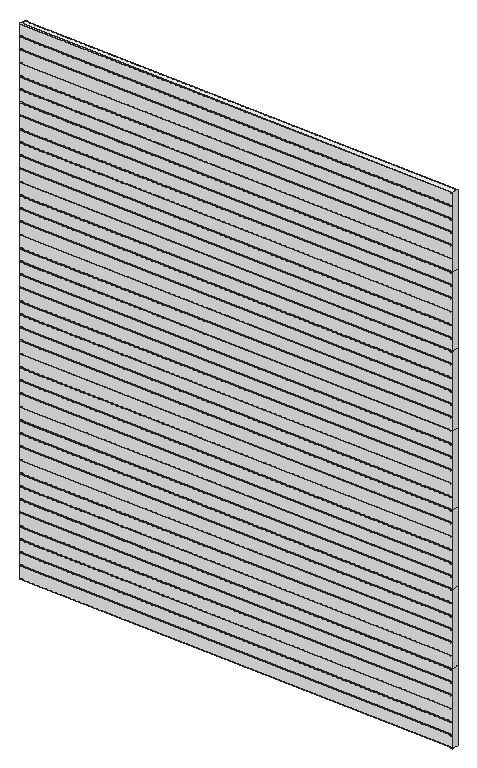
Revit family "3724-1Basic", category Doors, host Wall, Revit 2024
Family settings
  Host = Wall
  OmniClass Number = 23.30.10.17.37.14
  OmniClass Title = Sectional Overhead Doors
  Always vertical = Yes
  Cut with Voids When Loaded = No
  Shared = No
  Room Calculation Point = No
Parameters (values of type "By Type")
  Windload = "Doors available rated for various design pressures; consult Clopay for avaialbility and specifications"
  VisSection6 = NumSections = 6  # no
  VisSection5 = NumSections > 4  # yes
  VisSection4 = NumSections > 3  # yes
  VisSection3 = NumSections > 2  # yes
  VisArray = NumSections > 6  # yes
  URL = "www.clopaydoor.com"
  Track = "Galvanized steel (gauge varies according to door size)"
  Thickness = 0' - 2"  # constant formula
  Spec Wizard = "http://www.arcat.com/specwizard/08360clo/index.htm"
  Section Height = Height / NumSections  # 2' - 0"
  Sales Information = "http://www.clopaydoor.com/where-to-buy.aspx?type=dealer"
  Rough Width = 0' - 0"  # constant formula
  Rough Height = 0' - 0"  # constant formula
  R-Value = "17.2"
  Product Features and Benefits = "http://www.clopaydoor.com/insulated-polyurethane-applications.aspx"
  Overlapping Jamb = yes
  Overlap = if(Overlapping Jamb, 0' 1", 0' 0")  # 0' - 1"
  Opening Width = 12' - 0"
  Opening Height = 14' - 0"
  Omniclass Table = "23-30 10 17 37 "
  NumSectionsNotRounded = Height / 2' 0"  # 7
  NumSections = NumSectionsNotRounded + 0.4999  # 7
  NumArraySections = if(NumSections > 6, NumSections - 5, 2)  # 2
  Model = "3724"
  Maximum Size = "Maximum 32' 2'' wide by 26' 0'' high. Additional limitations may apply do to door weight. Consult Clopay for specificiations and shop drawings."  # constant formula
  Manufacturer Website = "http://www.clopaydoor.com"
  Manufacturer Phone Number = "1-800-526-4301"
  Manufacturer Address = "1400 W. Market St., Troy, OH 45373"
  Manufacturer = "Clopay Building Products Company"
  LEED = "http://products.construction.com/swts_content_files/151607/303186.pdf"
  Keynote = "08 36 13"
  Interior Steel = "28 ga. galvanized, primed, and finish painted"
  Hardware = "14 ga. min. steel hinges; 10-ball steel rollers"
  GreenFormat = "http://www.greenformat.com/products/1536-Polyurethane%20Insulated%20Doors.rtf"
  Function = Interior
  Height = Opening Height + Rough Width * 0  # 14' - 0"
  Wall Closure = By host
  Width = Opening Width + Rough Width * 0  # 12' - 0"
  FloorToSection7 = 6 * Section Height  # 12' - 0"
  FloorToSection6 = 5 * Section Height  # 10' - 0"
  FloorToSection5 = 4 * Section Height  # 8' - 0"
  FloorToSection4 = 3 * Section Height  # 6' - 0"
  FloorToSection3 = 2 * Section Height  # 4' - 0"
  FloorToSection2 = Section Height  # 2' - 0"
  File Revision = "00 (March, 2013)"
  Exterior Steel = "24 ga. galvanized, primed, and finish painted"
  Double End Stiles = Door Width > 14' 2"  # no
  Door Width = Opening Width + Overlap * 2  # 12' - 2"
  Door Height = Opening Height + Rough Width * 0  # 14' - 0"
  Description = "2'' thick polyurethane insulated, stucco embossed 24 gauge steel exterior with light ribbed pattern."
  Core Material = "Expanded polyurethane"
  Copyright = "2013, Clopay Building Products Company, Inc."
  Color = White
  CAD and Specifications = "http://www.clopaydoor.com/insulated-polyurethane-specs.aspx"
  Assembly Code = "B2030410"
Reference planes (in)
  plane 1 "Center (Front/Back)": y = 0
  plane 2 "Center (Left/Right)": x = 0
  plane 3 "Left": x = -72
  plane 4 "Right": x = 72
  plane 5 "Top": z = 168
  plane 6 "Exterior": y = 3
  plane 7 "Interior": y = -3
  plane 8: z = 120
  plane 9: z = 144
Lines and regions (in)
  Opening 1
    outline origin (-90, -3, 0) x (1, 0, 0) y (0, 0, 1)
      loop
        line (18, 0) -> (162, 0) -> (162, 168) -> (18, 168) -> (18, 0)
Text (in)
  text "Exterior" at (-74.96733, 27.31104, 0), in view "Ref. Level"
  text "Interior" at (-74.96733, -25.14366, 0), in view "Ref. Level"
  text "Exterior" at (0, 40.15149, 123.01588), in view "Right"
  text "Interior" at (0, -64.39139, 123.01588), in view "Right"
  text "Interior" at (0, -31.01599, 123.00693), in view "Left"
  text "Exterior" at (0, 54.57065, 123.00693), in view "Left"
Dimensions and locks (in)
  equal spacing: plane 3 "Left", plane 2 "Center (Left/Right)", plane 4 "Right"
  "Height": level to plane 5 "Top"
  "Width": plane 3 "Left" to plane 4 "Right"
  host wall to plane 5 "Top" = 14' - 0"
  nested 1 to plane 7 "Interior" = 0' - 0 1/2"
  "FloorToSection6": plane 8 to level
  "FloorToSection7": plane 9 to level
  group 1 to group 2 = 0' - 0"  (x2)
  group 1 to group 2 = 2' - 0"
  host wall to host wall = 67' - 6"
  aligned and locked: plane 3 "Left" to Opening 1 sketch curve
  aligned and locked: plane 5 "Top" to Opening 1 sketch curve  (x2)
  aligned and locked: Opening 1 sketch curve to plane 4 "Right"
  aligned and locked: Opening 1 sketch curve to level
  aligned and locked: plane 6 "Exterior" to host wall
  aligned and locked: host wall to plane 7 "Interior"
  aligned and locked: plane 2 "Center (Left/Right)" to nested 2
  aligned and locked: plane 2 "Center (Left/Right)" to nested 3
  aligned and locked: plane 2 "Center (Left/Right)" to nested 4
  aligned and locked: plane 2 "Center (Left/Right)" to nested 5
  aligned and locked: plane 2 "Center (Left/Right)" to nested 7
  aligned and locked: nested 7 to plane 8
  aligned and locked: nested 8 to plane 9
  aligned and locked: plane 7 "Interior" to nested 2
  aligned and locked: plane 7 "Interior" to nested 7
  aligned and locked: host wall to nested 8
  aligned and locked: plane 7 "Interior" to nested 3
  aligned and locked: host wall to nested 3
  aligned and locked: plane 7 "Interior" to nested 1
  aligned and locked: nested 2 to host wall
  aligned and locked: plane 7 "Interior" to nested 6
  aligned and locked: plane 7 "Interior" to nested 5
  aligned and locked: host wall to nested 7
  aligned and locked: plane 7 "Interior" to nested 4
Nested families (in)
  nested 1: "Section" at (0, 0, 0), type "Solid"
  nested 2: "Section" at (0, 0, 24), built-in parameter 1001364 <- "Section Height", type "Solid"
  nested 3: "Section" at (0, 0, 48), built-in parameter 1001364 <- "FloorToSection3", visible <- "VisSection3", type "Solid"
  nested 4: "Section" at (0, 0, 120), built-in parameter 1001364 <- "FloorToSection6", visible <- "VisSection6", type "Solid"
  nested 5: "Section" at (0, 0, 96), built-in parameter 1001364 <- "FloorToSection5", visible <- "VisSection5", type "Solid"
  nested 6: "Section" at (0, 0, 72), built-in parameter 1001364 <- "FloorToSection4", visible <- "VisSection4", type "Solid"
  nested 7: "Section" at (0, 0, 120), visible <- "VisArray", type "Solid"
  nested 8: "Section" at (0, 0, 144), visible <- "VisArray", type "Solid"
Definition of nested family "Section"
  Parameters
    X9 = if(if(NumArrayedWindows < NumWindows, NumArrayedWindows + 1, NumWindows) < 9, X1, X8 + 3' 8")  # 1' - 5 1/2"
    X8 = if(if(NumArrayedWindows < NumWindows, NumArrayedWindows + 1, NumWindows) < 8, X1, X7 + 3' 8")  # 1' - 5 1/2"
    X7 = if(if(NumArrayedWindows < NumWindows, NumArrayedWindows + 1, NumWindows) < 7, X1, X6 + 3' 8")  # 1' - 5 1/2"
    X6 = if(if(NumArrayedWindows < NumWindows, NumArrayedWindows + 1, NumWindows) < 6, X1, X5 + 3' 8")  # 1' - 5 1/2"
    X5 = if(if(NumArrayedWindows < NumWindows, NumArrayedWindows + 1, NumWindows) < 5, X1, X4 + 3' 8")  # 1' - 5 1/2"
    X4 = if(if(NumArrayedWindows < NumWindows, NumArrayedWindows + 1, NumWindows) < 4, X1, X3 + 3' 8")  # 1' - 5 1/2"
    X3 = if(NumWindows < 3, X1, X2 + 3' 8")  # 8' - 9 1/2"
    X2 = if(NumWindows < 2, ((Door Width - (NumWindows - 1) * 3' 8") / 2 - Cutout Width / 2), ((Door Width - (NumWindows - 1) * 3' 8") / 2 - Cutout Width / 2) + 3' 8")  # 5' - 1 1/2"
    WindowVis = no
    WindowCutDepth = -0' - 0 13/128"
    Section Height = 2' - 0"
    RibSpacing = Section Height / (NumRibs + 1)  # 0' - 4"
    NumWindows = if(Door Width < 9' 4", 2, if(Door Width < 13' 4", 3, if(Door Width < 16' 4", 4, if(Door Width < 20' 4", 5, if(Door Width < 24' 4", 6, if(Door Width < 26' 4", 7, if(Door Width < 31' 8", 8, 10)))))))  # 3
    NumRibs = if(Section Height < 1' 9", 3, if(Section Height < 2' 0", 4, 5))  # 5
    NumArrayedWindows = if(X2 = X1, NumWindows - 2, NumWindows)  # 3
    Half Section Height = Section Height / 2  # 1' - 0"
    Half Door Width Neg = -Half Door Width  # -6' - 1"
    Half Door Width = Door Width / 2  # 6' - 1"
    Half Cutout Height = Cutout Height / 2  # 0' - 3 1/2"
    Function = (empty or 0)
    Height = 0' - 0"
    Wall Closure = (empty or 0)
    Width = 0' - 0"
    X1 = if(or(Door Width > 31' 6", and(Door Width > 26' 2", Door Width < 28' 1"), Door Width = 24' 3", Door Width = 24' 4", and(Door Width > 20' 2", Door Width < 20' 11"), and(Door Width > 16' 2", Door Width < 17' 3")), X2, (Door Width - (NumWindows - 1) * 3' 8") / 2 - Cutout Width / 2)  # 1' - 5 1/2"
    Door Width = 12' - 2"
    CutoutToCutout = 1' - 0"
    Cutout Width = 1' - 11"
    Cutout Height = 0' - 7"
    Color = none
    BtmTo1stRib = RibSpacing  # 0' - 4"
    Assembly Code = ""
  Reference planes (in)
    plane 1 "Center (Front/Back)": y = 0
    plane 2 "Center (Left/Right)": x = 0
    plane 3 "Exterior": y = 3
    plane 4 "Interior": y = -3
    plane 5: y = -3.5
    plane 6: x = 73
    plane 7: x = -73
    plane 8: z = 4
    plane 9: z = 8
    plane 10: z = 24
    plane 11: z = 12
    plane 12: z = 0
  Forms (in)
    Extrusion 1, solid, material <- "Color"
      sketch origin (-73, -12, 83.08252) x (0, 0, 1) y (0, -1, 0)
        loop
          line (-59.08252, -8.37573) -> (-59.08252, -6.62444)
          arc (-59.08252, -6.62444) -> (-59.11897, -6.53645) -> (-59.20696, -6.5) r 0.12444
          line (-59.20696, -6.5) -> (-82.95809, -6.5)
          arc (-82.95809, -6.5) -> (-83.04608, -6.53645) -> (-83.08252, -6.62444) r 0.12444
          line (-83.08252, -6.62444) -> (-83.08252, -8.37573)
          arc (-83.08252, -8.37573) -> (-83.04612, -8.4636) -> (-82.95825, -8.5) r 0.12427
          line (-82.95825, -8.5) -> (-59.20679, -8.5)
          arc (-59.20679, -8.5) -> (-59.11892, -8.4636) -> (-59.08252, -8.37573) r 0.12427
      from 0 to 146 <- "Door Width"
    Extrusion 2, void
      sketch origin (0, 0, -0.5) x (0, -1, 0) y (0, 0, 1)
        loop
          line (3.5, 4.62727) -> (3.5, 4.37273) -> (3.53032, 4.41942)
          arc (3.53032, 4.41942) -> (3.53753, 4.43506) -> (3.54, 4.4521) r 0.06
          line (3.54, 4.4521) -> (3.54, 4.5479)
          arc (3.54, 4.5479) -> (3.53753, 4.56494) -> (3.53032, 4.58058) r 0.06
          line (3.53032, 4.58058) -> (3.5, 4.62727)
      from -73 <- "Half Door Width Neg" to 146 <- "Door Width"
    Extrusion 3, void
      sketch origin (0, 0, 3.5) x (0, -1, 0) y (0, 0, 1)
        loop
          line (3.5, 4.62727) -> (3.5, 4.37273) -> (3.53032, 4.41942)
          arc (3.53032, 4.41942) -> (3.53753, 4.43506) -> (3.54, 4.4521) r 0.06
          line (3.54, 4.4521) -> (3.54, 4.5479)
          arc (3.54, 4.5479) -> (3.53753, 4.56494) -> (3.53032, 4.58058) r 0.06
          line (3.53032, 4.58058) -> (3.5, 4.62727)
      from -73 <- "Half Door Width Neg" to 146 <- "Door Width"
    Extrusion 4, void
      sketch origin (0, 0, 7.5) x (0, -1, 0) y (0, 0, 1)
        loop
          line (3.5, 4.62727) -> (3.5, 4.37273) -> (3.53032, 4.41942)
          arc (3.53032, 4.41942) -> (3.53753, 4.43506) -> (3.54, 4.4521) r 0.06
          line (3.54, 4.4521) -> (3.54, 4.5479)
          arc (3.54, 4.5479) -> (3.53753, 4.56494) -> (3.53032, 4.58058) r 0.06
          line (3.53032, 4.58058) -> (3.5, 4.62727)
      from -73 <- "Half Door Width Neg" to 146 <- "Door Width"
    Extrusion 5, void
      sketch origin (0, -8.99984, -0.5) x (0, 1, 0) y (0, 0, -1)
        loop
          line (3.5, -4.62727) -> (3.53032, -4.58058)
          arc (3.53032, -4.58058) -> (3.53753, -4.56494) -> (3.54, -4.5479) r 0.06
          line (3.54, -4.5479) -> (3.54, -4.4521)
          arc (3.54, -4.4521) -> (3.53753, -4.43506) -> (3.53032, -4.41942) r 0.06
          line (3.53032, -4.41942) -> (3.5, -4.37273) -> (3.5, -4.62727)
      from -73 <- "Half Door Width Neg" to 146 <- "Door Width"
    Extrusion 6, void
      sketch origin (0, -8.99984, 3.5) x (0, 1, 0) y (0, 0, -1)
        loop
          line (3.5, -4.62727) -> (3.53032, -4.58058)
          arc (3.53032, -4.58058) -> (3.53753, -4.56494) -> (3.54, -4.5479) r 0.06
          line (3.54, -4.5479) -> (3.54, -4.4521)
          arc (3.54, -4.4521) -> (3.53753, -4.43506) -> (3.53032, -4.41942) r 0.06
          line (3.53032, -4.41942) -> (3.5, -4.37273) -> (3.5, -4.62727)
      from -73 <- "Half Door Width Neg" to 146 <- "Door Width"
    Extrusion 7, void
      sketch origin (0, -8.99984, 7.5) x (0, 1, 0) y (0, 0, -1)
        loop
          line (3.5, -4.62727) -> (3.53032, -4.58058)
          arc (3.53032, -4.58058) -> (3.53753, -4.56494) -> (3.54, -4.5479) r 0.06
          line (3.54, -4.5479) -> (3.54, -4.4521)
          arc (3.54, -4.4521) -> (3.53753, -4.43506) -> (3.53032, -4.41942) r 0.06
          line (3.53032, -4.41942) -> (3.5, -4.37273) -> (3.5, -4.62727)
      from -73 <- "Half Door Width Neg" to 146 <- "Door Width"
    Extrusion 8, void
      sketch origin (0, 0, 11.5) x (0, -1, 0) y (0, 0, 1)
        loop
          line (3.5, 4.62727) -> (3.5, 4.37273) -> (3.53032, 4.41942)
          arc (3.53032, 4.41942) -> (3.53753, 4.43506) -> (3.54, 4.4521) r 0.06
          line (3.54, 4.4521) -> (3.54, 4.5479)
          arc (3.54, 4.5479) -> (3.53753, 4.56494) -> (3.53032, 4.58058) r 0.06
          line (3.53032, 4.58058) -> (3.5, 4.62727)
      from -73 <- "Half Door Width Neg" to 146 <- "Door Width"
    Extrusion 9, void
      sketch origin (0, -8.99984, 11.5) x (0, 1, 0) y (0, 0, -1)
        loop
          line (3.5, -4.62727) -> (3.53032, -4.58058)
          arc (3.53032, -4.58058) -> (3.53753, -4.56494) -> (3.54, -4.5479) r 0.06
          line (3.54, -4.5479) -> (3.54, -4.4521)
          arc (3.54, -4.4521) -> (3.53753, -4.43506) -> (3.53032, -4.41942) r 0.06
          line (3.53032, -4.41942) -> (3.5, -4.37273) -> (3.5, -4.62727)
      from -73 <- "Half Door Width Neg" to 146 <- "Door Width"
    Extrusion 10, void
      sketch origin (0, 0, 15.5) x (0, -1, 0) y (0, 0, 1)
        loop
          line (3.5, 4.62727) -> (3.5, 4.37273) -> (3.53032, 4.41942)
          arc (3.53032, 4.41942) -> (3.53753, 4.43506) -> (3.54, 4.4521) r 0.06
          line (3.54, 4.4521) -> (3.54, 4.5479)
          arc (3.54, 4.5479) -> (3.53753, 4.56494) -> (3.53032, 4.58058) r 0.06
          line (3.53032, 4.58058) -> (3.5, 4.62727)
      from -73 <- "Half Door Width Neg" to 146 <- "Door Width"
    Extrusion 11, void
      sketch origin (0, -8.99984, 15.5) x (0, 1, 0) y (0, 0, -1)
        loop
          line (3.5, -4.62727) -> (3.53032, -4.58058)
          arc (3.53032, -4.58058) -> (3.53753, -4.56494) -> (3.54, -4.5479) r 0.06
          line (3.54, -4.5479) -> (3.54, -4.4521)
          arc (3.54, -4.4521) -> (3.53753, -4.43506) -> (3.53032, -4.41942) r 0.06
          line (3.53032, -4.41942) -> (3.5, -4.37273) -> (3.5, -4.62727)
      from -73 <- "Half Door Width Neg" to 146 <- "Door Width"
  Cuts and joins
    Extrusion 2, Extrusion 3, Extrusion 4, Extrusion 5, Extrusion 6, Extrusion 7, Extrusion 8, Extrusion 9, Extrusion 10, Extrusion 11 cuts Extrusion 1
  Lines and regions (in)
    reference lines
      curve 1: line (-72, -3.54, 4) -> (-72, -3.5, 4)
      curve 2: line (-72, -5.45984, 4) -> (-72, -5.49984, 4)
      curve 3: line (-72, -3.54, 8) -> (-72, -3.5, 8)
      curve 4: line (-72, -3.54, 12) -> (-72, -3.5, 12)
      curve 5: line (-72, -5.45984, 4) -> (-72, -5.49984, 4)
      curve 6: line (-72, -5.45984, 8) -> (-72, -5.49984, 8)
      curve 7: line (-72, -5.45984, 12) -> (-72, -5.49984, 12)
      curve 8: line (-72, -3.54, 16) -> (-72, -3.5, 16)
      curve 9: line (-72, -5.45984, 16) -> (-72, -5.49984, 16)
      curve 10: line (-72, -3.54, 20) -> (-72, -3.5, 20)
      curve 11: line (-72, -5.45984, 20) -> (-72, -5.49984, 20)
  Text (in)
    text "Exterior" at (-74.96733, 27.31104, 0), in view "Ref. Level"
    text "Interior" at (-74.96733, -25.14366, 0), in view "Ref. Level"
    text "Exterior" at (0, 40.15149, 123.01588), in view "Right"
    text "Interior" at (0, -64.39139, 123.01588), in view "Right"
    text "Interior" at (0, -31.01599, 123.00693), in view "Left"
    text "Exterior" at (0, 54.57065, 123.00693), in view "Left"
  Dimensions and locks (in)
    plane 4 "Interior" to plane 5 = 0' - 0 1/2"
    "Half Door Width": plane 2 "Center (Left/Right)" to plane 7
    "Half Door Width": plane 6 to plane 2 "Center (Left/Right)"
    Extrusion 1 sketch curve to Extrusion 1 sketch curve = 0' - 2"
    Extrusion 2 sketch curve to Extrusion 2 sketch curve = 0' - 0.25454"
    Extrusion 2 sketch curve to Extrusion 2 sketch curve = 0' - 0.04"  (x2)
    "BtmTo1stRib": plane 8 to level
    curve 1 to Extrusion 2 sketch curve = 0' - 0.12727"
    "RibSpacing": plane 9 to plane 8
    "Section Height": plane 10 to level
    Extrusion 3 sketch curve to Extrusion 3 sketch curve = 0' - 0.25454"
    Extrusion 3 sketch curve to Extrusion 3 sketch curve = 0' - 0.04"  (x2)
    curve 3 to Extrusion 3 sketch curve = 0' - 0.12727"
    equal spacing: group 1, group 2, group 3, group 4, group 5  (x3)
    Extrusion 4 sketch curve to Extrusion 4 sketch curve = 0' - 0.25454"
    Extrusion 4 sketch curve to Extrusion 4 sketch curve = 0' - 0.04"  (x2)
    curve 4 to Extrusion 4 sketch curve = 0' - 0.12727"
    Extrusion 5 sketch curve to Extrusion 5 sketch curve = 0' - 0.25454"
    Extrusion 5 sketch curve to Extrusion 5 sketch curve = 0' - 0.04"  (x2)
    Extrusion 5 sketch curve to curve 5 = 0' - 0.12727"
    Extrusion 6 sketch curve to Extrusion 6 sketch curve = 0' - 0.25454"
    Extrusion 6 sketch curve to Extrusion 6 sketch curve = 0' - 0.04"  (x2)
    Extrusion 6 sketch curve to curve 6 = 0' - 0.12727"
    Extrusion 7 sketch curve to Extrusion 7 sketch curve = 0' - 0.25454"
    Extrusion 7 sketch curve to Extrusion 7 sketch curve = 0' - 0.04"  (x2)
    Extrusion 7 sketch curve to curve 7 = 0' - 0.12727"
    "Half Section Height": level to plane 11
    Extrusion 8 sketch curve to Extrusion 8 sketch curve = 0' - 0.25454"
    Extrusion 8 sketch curve to Extrusion 8 sketch curve = 0' - 0.04"  (x2)
    curve 8 to Extrusion 8 sketch curve = 0' - 0.12727"
    Extrusion 9 sketch curve to Extrusion 9 sketch curve = 0' - 0.25454"
    Extrusion 9 sketch curve to Extrusion 9 sketch curve = 0' - 0.04"  (x2)
    Extrusion 9 sketch curve to curve 9 = 0' - 0.12727"
    Extrusion 10 sketch curve to Extrusion 10 sketch curve = 0' - 0.25454"
    Extrusion 10 sketch curve to Extrusion 10 sketch curve = 0' - 0.04"  (x2)
    curve 10 to Extrusion 10 sketch curve = 0' - 0.12727"
    Extrusion 11 sketch curve to Extrusion 11 sketch curve = 0' - 0.25454"
    Extrusion 11 sketch curve to Extrusion 11 sketch curve = 0' - 0.04"  (x2)
    Extrusion 11 sketch curve to curve 11 = 0' - 0.12727"
    locked: plane 4 "Interior" to cut or joined group 1 (Extrusion 1, Extrusion 2, Extrusion 3, Extrusion 4, Extrusion 5, Extrusion 6, Extrusion 7, Extrusion 8, Extrusion 9, Extrusion 10, Extrusion 11) at 0.5
    radius of Extrusion 1 sketch curve = 0' - 0.12427"  (x2)
    radius of Extrusion 1 sketch curve = 0' - 0.12444"  (x2)
    angle Extrusion 2 sketch curve to Extrusion 2 sketch curve = 147.00°  (x2)
    angle Extrusion 3 sketch curve to Extrusion 3 sketch curve = 147.00°  (x2)
    angle Extrusion 4 sketch curve to Extrusion 4 sketch curve = 147.00°  (x2)
    angle Extrusion 5 sketch curve to Extrusion 5 sketch curve = 147.00°  (x2)
    angle Extrusion 6 sketch curve to Extrusion 6 sketch curve = 147.00°  (x2)
    angle Extrusion 7 sketch curve to Extrusion 7 sketch curve = 147.00°  (x2)
    angle Extrusion 8 sketch curve to Extrusion 8 sketch curve = 147.00°  (x2)
    angle Extrusion 9 sketch curve to Extrusion 9 sketch curve = 147.00°  (x2)
    angle Extrusion 10 sketch curve to Extrusion 10 sketch curve = 147.00°  (x2)
    angle Extrusion 11 sketch curve to Extrusion 11 sketch curve = 147.00°  (x2)
    aligned and locked: Extrusion 1 sketch curve to plane 5
    aligned and locked: plane 8 to curve 1
    aligned and locked: plane 9 to curve 3
    aligned: cut or joined group 1 to cut or joined group 1  (x9)
    aligned and locked: plane 12 to level
  Automatic sketch dimensions
    curve 2 to curve 1 = 0' - 1.91984"
    curve 1 to curve 1 = 0' - 0.04"  (x2)
    curve 1 to curve 2 = 0' - 1.91984"
    curve 2 to curve 2 = 0' - 0.04"  (x2)
    Extrusion 2 sketch curve to Extrusion 2 sketch curve = 0' - 0"
    Extrusion 2 sketch curve to Extrusion 2 sketch curve = 0' - 0.02"
    Extrusion 2 sketch curve to Extrusion 2 sketch curve = 0' - 0.00968"  (x2)
    curve 5 to curve 1 = 0' - 0"
    curve 1 to curve 5 = 0' - 1.91984"
    curve 5 to curve 5 = 0' - 0.04"
    Extrusion 5 sketch curve to Extrusion 5 sketch curve = 0' - 0"
    Extrusion 5 sketch curve to Extrusion 5 sketch curve = 0' - 0.02"
    Extrusion 5 sketch curve to Extrusion 5 sketch curve = 0' - 0.00968"  (x2)
    Extrusion 3 sketch curve to Extrusion 3 sketch curve = 0' - 0"
    Extrusion 3 sketch curve to Extrusion 3 sketch curve = 0' - 0.02"
    Extrusion 3 sketch curve to Extrusion 3 sketch curve = 0' - 0.00968"  (x2)
    curve 6 to curve 3 = 0' - 0"
    curve 3 to curve 3 = 0' - 0.04"
    curve 3 to curve 6 = 0' - 1.91984"
    curve 6 to curve 6 = 0' - 0.04"
    Extrusion 4 sketch curve to Extrusion 4 sketch curve = 0' - 0"
    Extrusion 4 sketch curve to Extrusion 4 sketch curve = 0' - 0.02"
    Extrusion 4 sketch curve to Extrusion 4 sketch curve = 0' - 0.00968"  (x2)
    curve 7 to curve 4 = 0' - 0"
    curve 4 to curve 4 = 0' - 0.04"
    curve 4 to curve 7 = 0' - 1.91984"
    curve 7 to curve 7 = 0' - 0.04"
    Extrusion 7 sketch curve to Extrusion 7 sketch curve = 0' - 0.00968"
    Extrusion 6 sketch curve to Extrusion 6 sketch curve = 0' - 0.00968"
    curve 2 to plane 8 = 0' - 0"
    curve 2 to plane 5 = 0' - 1.95984"
    Extrusion 1 sketch curve to plane 10 = 0' - 0"
    Extrusion 1 sketch curve to level = 0' - 0"
    Extrusion 8 sketch curve to Extrusion 8 sketch curve = 0' - 0"
    Extrusion 8 sketch curve to Extrusion 8 sketch curve = 0' - 0.02"
    Extrusion 8 sketch curve to Extrusion 8 sketch curve = 0' - 0.00968"  (x2)
    curve 9 to curve 8 = 0' - 0"
    curve 8 to curve 8 = 0' - 0.04"
    curve 8 to curve 9 = 0' - 1.91984"
    curve 9 to curve 9 = 0' - 0.04"
    Extrusion 9 sketch curve to Extrusion 9 sketch curve = 0' - 0"
    Extrusion 9 sketch curve to Extrusion 9 sketch curve = 0' - 0.02"
    Extrusion 9 sketch curve to Extrusion 9 sketch curve = 0' - 0.00968"  (x2)
    Extrusion 10 sketch curve to Extrusion 10 sketch curve = 0' - 0"
    Extrusion 10 sketch curve to Extrusion 10 sketch curve = 0' - 0.02"
    Extrusion 10 sketch curve to Extrusion 10 sketch curve = 0' - 0.00968"  (x2)
    curve 11 to curve 10 = 0' - 0"
    curve 10 to curve 10 = 0' - 0.04"
    curve 10 to curve 11 = 0' - 1.91984"
    curve 11 to curve 11 = 0' - 0.04"
    Extrusion 11 sketch curve to Extrusion 11 sketch curve = 0' - 0"
    Extrusion 11 sketch curve to Extrusion 11 sketch curve = 0' - 0.02"
    Extrusion 11 sketch curve to Extrusion 11 sketch curve = 0' - 0.00968"  (x2)
